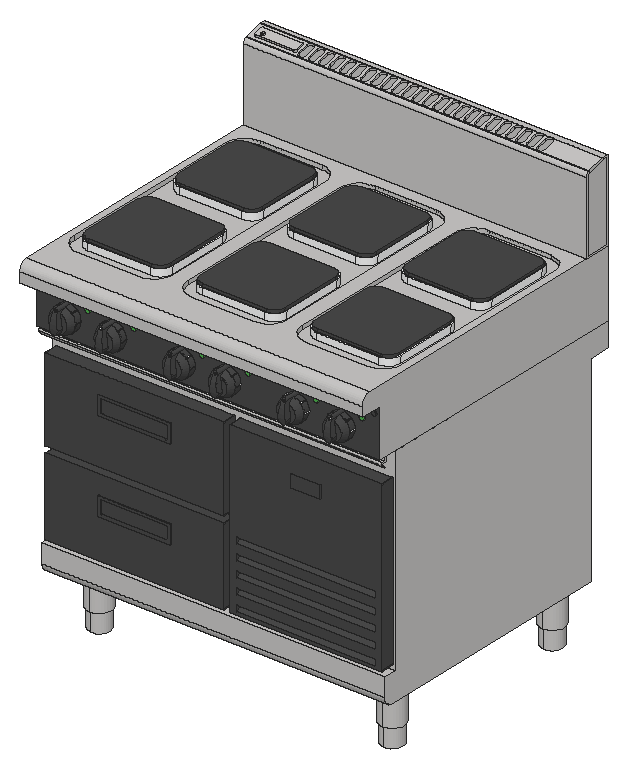
Revit family "QF_Moffat_RNB8600SE-RB_Electric_Cooktops_Sealed_Hobs_cat", category Specialty Equipment, Revit 2019 (continued)
Definition of nested family "High and Low Option"
  Lines and regions (mm)
    symbolic lines, visible <- "High Back", not visible
      curve 197: spline (749.472, -50.251, 0) -> (749.131, -52.751, 0) -> (748.132, -55.081, 0) -> (746.543, -57.081, 0) -> (744.472, -58.616, 0) -> (742.06, -59.581, 0) -> (739.472, -59.91, 0) -> (736.884, -59.581, 0) -> (734.472, -58.616, 0) -> (732.401, -57.081, 0) -> (730.812, -55.081, 0) -> (729.813, -52.751, 0) -> (729.472, -50.251, 0)
      curve 198: line (756.752, -50.251, 0) -> (756.752, -25.991, 0)
      curve 199: spline (756.752, -25.991, 0) -> (757.093, -23.491, 0) -> (758.092, -21.162, 0) -> (759.681, -19.161, 0) -> (761.752, -17.626, 0) -> (764.164, -16.661, 0) -> (766.752, -16.332, 0) -> (769.341, -16.661, 0) -> (771.752, -17.626, 0) -> (773.823, -19.161, 0) -> (775.413, -21.162, 0) -> (776.412, -23.491, 0) -> (776.752, -25.991, 0)
      curve 200: line (776.752, -25.991, 0) -> (776.752, -50.251, 0)
      curve 201: spline (776.752, -50.251, 0) -> (776.412, -52.751, 0) -> (775.413, -55.081, 0) -> (773.823, -57.081, 0) -> (771.752, -58.616, 0) -> (769.341, -59.581, 0) -> (766.752, -59.91, 0) -> (764.164, -59.581, 0) -> (761.752, -58.616, 0) -> (759.681, -57.081, 0) -> (758.092, -55.081, 0) -> (757.093, -52.751, 0) -> (756.752, -50.251, 0)
  Dimensions and locks
    equal spacing: plane 3 "LEFT", plane 7 "Center Y", plane 4 "RIGHT"
    "Length": plane 3 "LEFT" to plane 4 "RIGHT"
    equal spacing: plane 5 "FRONT", plane 8 "Center X", plane 1 "BACK"
    "Depth": plane 5 "FRONT" to plane 1 "BACK"
    "Height": plane 6 "TOP" to level
    plane 4 "RIGHT" to plane 3 "LEFT" = 900 mm
    plane 1 "BACK" to plane 5 "FRONT" = 805 mm
    plane 9 to plane 10 = 769 mm
    plane 12 to plane 2 = 675 mm
    plane 6 "TOP" to level = 970 mm
    plane 13 to level = 1130 mm
    aligned and locked: level to plane 2
  Automatic sketch dimensions
    plane 1 "BACK" to curve 1 = 71.587 mm
    curve 1 to plane 6 "TOP" = 46.75 mm
    curve 1 to curve 1 = 23 mm
    Extrusion 5 sketch curve to Extrusion 5 sketch curve = 10 mm  (x24)
    Extrusion 5 sketch curve to Extrusion 5 sketch curve = 7.28 mm  (x23)
    Extrusion 5 sketch curve to Extrusion 5 sketch curve = 11.379 mm  (x2)
    Extrusion 5 sketch curve to Extrusion 5 sketch curve = 0 mm  (x33)
    Extrusion 5 sketch curve to Extrusion 5 sketch curve = 25.116 mm  (x13)
    Extrusion 5 sketch curve to Extrusion 5 sketch curve = 47.732 mm
    Extrusion 5 sketch curve to Extrusion 5 sketch curve = 129.307 mm
    Extrusion 5 sketch curve to Extrusion 5 sketch curve = 123.248 mm
    Extrusion 10 sketch curve to Extrusion 10 sketch curve = 10 mm  (x24)
    Extrusion 10 sketch curve to Extrusion 10 sketch curve = 7.28 mm  (x23)
    Extrusion 10 sketch curve to Extrusion 10 sketch curve = 11.379 mm  (x2)
    Extrusion 10 sketch curve to Extrusion 10 sketch curve = 0 mm  (x33)
    Extrusion 10 sketch curve to Extrusion 10 sketch curve = 25.116 mm  (x13)
    Extrusion 10 sketch curve to Extrusion 10 sketch curve = 47.732 mm
    Extrusion 10 sketch curve to Extrusion 10 sketch curve = 129.307 mm
    Extrusion 10 sketch curve to Extrusion 10 sketch curve = 123.248 mm
    curve 3 to curve 6 = 129.307 mm
    curve 6 to curve 8 = 20 mm
    curve 8 to curve 10 = 7.28 mm
    curve 10 to curve 12 = 20 mm
    curve 13 to curve 14 = 7.28 mm
    curve 14 to curve 16 = 20 mm
    curve 16 to curve 18 = 7.28 mm
    curve 18 to curve 20 = 20 mm
    curve 21 to curve 22 = 7.28 mm
    curve 22 to curve 24 = 20 mm
    curve 25 to curve 26 = 7.28 mm
    curve 26 to curve 28 = 20 mm
    curve 29 to curve 30 = 7.28 mm
    curve 30 to curve 32 = 20 mm
    curve 32 to curve 34 = 7.28 mm
    curve 34 to curve 36 = 20 mm
    curve 37 to curve 38 = 7.28 mm
    curve 41 to curve 40 = 20 mm
    curve 41 to curve 42 = 7.28 mm
    curve 45 to curve 44 = 20 mm
    curve 43 to curve 46 = 7.28 mm
    curve 46 to curve 48 = 20 mm
    curve 49 to curve 50 = 7.28 mm
    curve 50 to curve 52 = 20 mm
    curve 52 to curve 54 = 7.28 mm
    curve 54 to curve 56 = 20 mm
    curve 57 to curve 58 = 7.28 mm
    curve 58 to curve 60 = 20 mm
    curve 61 to curve 62 = 7.28 mm
    curve 62 to curve 64 = 20 mm
    curve 64 to curve 66 = 7.28 mm
    curve 66 to curve 68 = 20 mm
    curve 69 to curve 70 = 7.28 mm
    curve 70 to curve 72 = 20 mm
    curve 73 to curve 74 = 7.28 mm
    curve 74 to curve 76 = 20 mm
    curve 77 to curve 78 = 7.28 mm
    curve 78 to curve 80 = 20 mm
    curve 80 to curve 82 = 7.28 mm
    curve 82 to curve 84 = 20 mm
    curve 85 to curve 86 = 7.28 mm
    curve 87 to curve 88 = 20 mm
    curve 89 to curve 90 = 7.28 mm
    curve 90 to curve 92 = 20 mm
    curve 91 to curve 94 = 7.28 mm
    curve 94 to curve 96 = 20 mm
    curve 96 to curve 98 = 7.28 mm
    curve 98 to curve 100 = 20 mm
    curve 3 to curve 6 = 19.749 mm
    curve 9 to curve 10 = 0 mm
    curve 96 to curve 101 = 0 mm
    curve 13 to curve 14 = 0 mm
    curve 92 to curve 97 = 0 mm
    curve 16 to curve 18 = 0 mm
    curve 88 to curve 90 = 0 mm
    curve 21 to curve 22 = 0 mm
    curve 84 to curve 86 = 0 mm  (x2)
    curve 25 to curve 26 = 0 mm
    curve 80 to curve 85 = 0 mm
    curve 29 to curve 30 = 0 mm
    curve 76 to curve 81 = 0 mm
    curve 33 to curve 34 = 0 mm
    curve 72 to curve 74 = 0 mm  (x2)
    curve 37 to curve 38 = 0 mm
    curve 68 to curve 70 = 0 mm  (x2)
    curve 41 to curve 42 = 0 mm
    curve 64 to curve 69 = 0 mm
    curve 45 to curve 46 = 0 mm
    curve 60 to curve 65 = 0 mm
    curve 49 to curve 50 = 0 mm
    curve 56 to curve 58 = 0 mm  (x2)
    curve 56 to curve 56 = 24.26 mm
    curve 52 to curve 55 = 0 mm
    curve 48 to curve 51 = 0 mm
    curve 59 to curve 62 = 0 mm
    curve 44 to curve 47 = 0 mm
    curve 64 to curve 66 = 0 mm
    curve 40 to curve 43 = 0 mm
    curve 36 to curve 39 = 0 mm
    curve 32 to curve 35 = 0 mm
    curve 75 to curve 78 = 0 mm
    curve 28 to curve 31 = 0 mm
    curve 80 to curve 82 = 0 mm
    curve 24 to curve 27 = 0 mm
    curve 20 to curve 23 = 0 mm
    curve 87 to curve 90 = 0 mm
    curve 16 to curve 19 = 0 mm
    curve 91 to curve 94 = 0 mm
    curve 12 to curve 15 = 0 mm
    curve 96 to curve 98 = 0 mm
    curve 8 to curve 11 = 0 mm
    curve 3 to curve 3 = 70 mm
    curve 100 to curve 5 = 123.248 mm
    curve 4 to curve 100 = 19.749 mm
    curve 103 to curve 106 = 129.307 mm
    curve 106 to curve 108 = 20 mm
    curve 108 to curve 110 = 7.28 mm
    curve 110 to curve 112 = 20 mm
    curve 113 to curve 114 = 7.28 mm
    curve 114 to curve 116 = 20 mm
    curve 116 to curve 118 = 7.28 mm
    curve 118 to curve 120 = 20 mm
    curve 121 to curve 122 = 7.28 mm
    curve 122 to curve 124 = 20 mm
    curve 125 to curve 126 = 7.28 mm
    curve 126 to curve 128 = 20 mm
    curve 129 to curve 130 = 7.28 mm
    curve 130 to curve 132 = 20 mm
    curve 132 to curve 134 = 7.28 mm
    curve 134 to curve 136 = 20 mm
    curve 137 to curve 138 = 7.28 mm
    curve 141 to curve 140 = 20 mm
    curve 141 to curve 142 = 7.28 mm
    curve 145 to curve 144 = 20 mm
    curve 143 to curve 146 = 7.28 mm
    curve 146 to curve 148 = 20 mm
    curve 149 to curve 150 = 7.28 mm
    curve 150 to curve 152 = 20 mm
    curve 152 to curve 154 = 7.28 mm
    curve 154 to curve 156 = 20 mm
    curve 157 to curve 158 = 7.28 mm
    curve 158 to curve 160 = 20 mm
    curve 161 to curve 162 = 7.28 mm
    curve 162 to curve 164 = 20 mm
    curve 164 to curve 166 = 7.28 mm
    curve 166 to curve 168 = 20 mm
    curve 169 to curve 170 = 7.28 mm
    curve 170 to curve 172 = 20 mm
    curve 173 to curve 174 = 7.28 mm
    curve 174 to curve 176 = 20 mm
    curve 177 to curve 178 = 7.28 mm
    curve 178 to curve 180 = 20 mm
    curve 180 to curve 182 = 7.28 mm
    curve 182 to curve 184 = 20 mm
    curve 185 to curve 186 = 7.28 mm
    curve 187 to curve 188 = 20 mm
    curve 189 to curve 190 = 7.28 mm
    curve 190 to curve 192 = 20 mm
    curve 191 to curve 194 = 7.28 mm
    curve 194 to curve 196 = 20 mm
    curve 196 to curve 198 = 7.28 mm
    curve 198 to curve 200 = 20 mm
    curve 103 to curve 106 = 19.749 mm
    curve 109 to curve 110 = 0 mm
    curve 196 to curve 201 = 0 mm
    curve 113 to curve 114 = 0 mm
    curve 192 to curve 197 = 0 mm
    curve 116 to curve 118 = 0 mm
    curve 188 to curve 190 = 0 mm
    curve 121 to curve 122 = 0 mm
    curve 184 to curve 186 = 0 mm  (x2)
    curve 125 to curve 126 = 0 mm
    curve 180 to curve 185 = 0 mm
    curve 129 to curve 130 = 0 mm
    curve 176 to curve 181 = 0 mm
    curve 133 to curve 134 = 0 mm
    curve 172 to curve 174 = 0 mm  (x2)
    curve 137 to curve 138 = 0 mm
    curve 168 to curve 170 = 0 mm  (x2)
    curve 141 to curve 142 = 0 mm
    curve 164 to curve 169 = 0 mm
    curve 145 to curve 146 = 0 mm
    curve 160 to curve 165 = 0 mm
    curve 149 to curve 150 = 0 mm
    curve 156 to curve 158 = 0 mm  (x2)
    curve 156 to curve 156 = 24.26 mm
    curve 152 to curve 155 = 0 mm
    curve 148 to curve 151 = 0 mm
    curve 159 to curve 162 = 0 mm
    curve 144 to curve 147 = 0 mm
    curve 164 to curve 166 = 0 mm
    curve 140 to curve 143 = 0 mm
    curve 136 to curve 139 = 0 mm
    curve 132 to curve 135 = 0 mm
    curve 175 to curve 178 = 0 mm
    curve 128 to curve 131 = 0 mm
    curve 180 to curve 182 = 0 mm
    curve 124 to curve 127 = 0 mm
    curve 120 to curve 123 = 0 mm
    curve 187 to curve 190 = 0 mm
    curve 116 to curve 119 = 0 mm
    curve 191 to curve 194 = 0 mm
    curve 112 to curve 115 = 0 mm
    curve 196 to curve 198 = 0 mm
    curve 108 to curve 111 = 0 mm
    curve 103 to curve 103 = 70 mm
    curve 200 to curve 105 = 123.248 mm
    curve 104 to curve 200 = 19.749 mm
    curve 203 to curve 204 = 900 mm
    curve 203 to curve 203 = 70 mm
    curve 207 to curve 208 = 900 mm
    curve 207 to curve 207 = 70 mm
    Extrusion 1 sketch curve to Extrusion 1 sketch curve = 15 mm
    Extrusion 1 sketch curve to Extrusion 1 sketch curve = 55 mm  (x2)
    Extrusion 1 sketch curve to Extrusion 1 sketch curve = 40 mm
    Extrusion 6 sketch curve to Extrusion 6 sketch curve = 15 mm
    Extrusion 6 sketch curve to Extrusion 6 sketch curve = 55 mm  (x2)
    Extrusion 6 sketch curve to Extrusion 6 sketch curve = 40 mm
    Extrusion 2 sketch curve to Extrusion 2 sketch curve = 0 mm  (x4)
    Extrusion 2 sketch curve to Extrusion 2 sketch curve = 3.2 mm  (x3)
    Extrusion 2 sketch curve to Extrusion 2 sketch curve = 5.694 mm
    Extrusion 2 sketch curve to Extrusion 2 sketch curve = 0.828 mm  (x2)
    Extrusion 2 sketch curve to Extrusion 2 sketch curve = 8.8 mm
    Extrusion 2 sketch curve to Extrusion 2 sketch curve = 46.106 mm
    Extrusion 2 sketch curve to Extrusion 2 sketch curve = 63.6 mm
    Extrusion 2 sketch curve to Extrusion 2 sketch curve = 187.855 mm
    Extrusion 2 sketch curve to Extrusion 2 sketch curve = 12.354 mm
    Extrusion 2 sketch curve to Extrusion 2 sketch curve = 3.091 mm
    Extrusion 4 sketch curve to Extrusion 4 sketch curve = 8.8 mm
    Extrusion 4 sketch curve to Extrusion 4 sketch curve = 63.6 mm
    Extrusion 4 sketch curve to Extrusion 4 sketch curve = 20.854 mm
    Extrusion 4 sketch curve to Extrusion 4 sketch curve = 187.855 mm
    Extrusion 4 sketch curve to Extrusion 4 sketch curve = 2.278 mm
    Extrusion 4 sketch curve to Extrusion 4 sketch curve = 10.972 mm
    Extrusion 3 sketch curve to Extrusion 3 sketch curve = 8.8 mm
    Extrusion 3 sketch curve to Extrusion 3 sketch curve = 63.6 mm
    Extrusion 3 sketch curve to Extrusion 3 sketch curve = 187.855 mm
    Extrusion 3 sketch curve to Extrusion 3 sketch curve = 10.972 mm
    Extrusion 3 sketch curve to Extrusion 3 sketch curve = 20.854 mm
    Extrusion 3 sketch curve to Extrusion 3 sketch curve = 2.278 mm
    Extrusion 7 sketch curve to Extrusion 7 sketch curve = 0 mm  (x4)
    Extrusion 7 sketch curve to Extrusion 7 sketch curve = 3.2 mm  (x3)
    Extrusion 7 sketch curve to Extrusion 7 sketch curve = 5.694 mm
    Extrusion 7 sketch curve to Extrusion 7 sketch curve = 0.828 mm  (x2)
    Extrusion 7 sketch curve to Extrusion 7 sketch curve = 8.8 mm
    Extrusion 7 sketch curve to Extrusion 7 sketch curve = 46.106 mm
    Extrusion 7 sketch curve to Extrusion 7 sketch curve = 63.6 mm
    Extrusion 7 sketch curve to Extrusion 7 sketch curve = 187.855 mm
    Extrusion 7 sketch curve to Extrusion 7 sketch curve = 12.354 mm
    Extrusion 7 sketch curve to Extrusion 7 sketch curve = 3.091 mm
    Extrusion 9 sketch curve to Extrusion 9 sketch curve = 8.8 mm
    Extrusion 9 sketch curve to Extrusion 9 sketch curve = 63.6 mm
    Extrusion 9 sketch curve to Extrusion 9 sketch curve = 20.854 mm
    Extrusion 9 sketch curve to Extrusion 9 sketch curve = 187.855 mm
    Extrusion 9 sketch curve to Extrusion 9 sketch curve = 2.278 mm
    Extrusion 9 sketch curve to Extrusion 9 sketch curve = 10.972 mm
    Extrusion 8 sketch curve to Extrusion 8 sketch curve = 8.8 mm
    Extrusion 8 sketch curve to Extrusion 8 sketch curve = 63.6 mm
    Extrusion 8 sketch curve to Extrusion 8 sketch curve = 187.855 mm
    Extrusion 8 sketch curve to Extrusion 8 sketch curve = 10.972 mm
    Extrusion 8 sketch curve to Extrusion 8 sketch curve = 20.854 mm
    Extrusion 8 sketch curve to Extrusion 8 sketch curve = 2.278 mm
  Nested families
    nested 1: "QF_LOGO_Waldorf" at (32, -70, 923.25), visible <- "Show Logo 1", type "QF_LOGO_Waldorf"
    nested 2: "QF_LOGO_Waldorf1" at (12.5, -38.053, 1110.468), visible <- "Show Logo 2", type "QF_LOGO_Waldorf1"
    nested 3: "QF_LOGO_Waldorf" at (32, -70, 923.25), visible <- "Show Logo 1", type "QF_LOGO_Waldorf", not visible
    nested 4: "QF_LOGO_Waldorf1" at (12.5, -38.053, 1110.468), visible <- "Show Logo 2", type "QF_LOGO_Waldorf1", not visible
  Definition of nested family "QF_LOGO_Waldorf"
    Parameters (values of type "QF_LOGO_Waldorf")
      Weight in Pounds = 0
      URL Cutsheet = ""
      Specification by User = ""
      Specification by Manufacturer = ""
      Serial Number = ""
      Seismic Rating = ""
      SMACNA No = ""
      Revision Code = ""
      NAFEM Spec ID Number = ""
      Masterspec = ""
      Length = 138 mm
      Item Number = ""
      Installed By = ""
      Identify Quantity as Lot = yes
      Height = 26.711 mm
      Furnished By = ""
      Foodservice Equipment Identifier = yes
      Depth = 3.175 mm
      CSI MasterFormat = ""
    Reference planes
      plane 1 "BACK": y = 0
      plane 2: z = 0
      plane 3 "LEFT": x = 0
      plane 4 "RIGHT": x = 138
      plane 5 "FRONT": y = -3.175
      plane 6 "TOP": z = 26.711
      plane 7 "Center Y": x = 69
      plane 8 "Center X": y = -1.587
    Forms (mm)
      Extrusion 1, solid
        sketch origin (0, 0, 0) x (1, 0, 0) y (0, 0, 1)
          loop
            line (109, 3.464) -> (109, 23.247)
            spline (109, 23.247) -> (108.966, 23.699) -> (108.864, 24.143) -> (108.696, 24.572) -> (108.464, 24.979) -> (108.173, 25.355) -> (107.828, 25.696) -> (107.435, 25.995) -> (107, 26.247) -> (106.531, 26.447) -> (106.035, 26.593) -> (105.522, 26.681) -> (105, 26.711)
            line (105, 26.711) -> (4, 26.711)
            spline (4, 26.711) -> (3.478, 26.681) -> (2.965, 26.593) -> (2.469, 26.447) -> (2, 26.247) -> (1.565, 25.995) -> (1.172, 25.696) -> (0.827, 25.355) -> (0.536, 24.979) -> (0.304, 24.572) -> (0.136, 24.143) -> (0.034, 23.699) -> (0, 23.247)
            line (0, 23.247) -> (0, 3.464)
            spline (0, 3.464) -> (0.034, 3.012) -> (0.136, 2.568) -> (0.304, 2.138) -> (0.536, 1.732) -> (0.827, 1.355) -> (1.172, 1.015) -> (1.565, 0.716) -> (2, 0.464) -> (2.469, 0.264) -> (2.965, 0.118) -> (3.478, 0.03) -> (4, 0)
            line (4, 0) -> (105, 0)
            spline (105, 0) -> (105.522, 0.03) -> (106.035, 0.118) -> (106.531, 0.264) -> (107, 0.464) -> (107.435, 0.716) -> (107.828, 1.015) -> (108.173, 1.355) -> (108.464, 1.732) -> (108.696, 2.138) -> (108.864, 2.568) -> (108.966, 3.012) -> (109, 3.464)
          loop
            line (14.75, 7.005) -> (14.75, 15.654)
            arc (14.75, 15.654) -> (10.425, 11.329) -> (14.75, 7.005) r 4.325
          loop
            line (15.25, 15.654) -> (15.25, 7.005)
            arc (15.25, 7.005) -> (19.575, 11.329) -> (15.25, 15.654) r 4.325
        from 0 to 3.2
      Extrusion 2, solid
        sketch origin (0, 0, 0) x (1, 0, 0) y (0, 0, 1)
          loop
            line (15.25, 15.654) -> (15.25, 7.005)
            arc (15.25, 7.005) -> (19.575, 11.329) -> (15.25, 15.654) r 4.325
        from 0 to 3.2
      Extrusion 3, solid
        sketch origin (16.271, 0, 0) x (-1, 0, 0) y (0, 0, -1)
          loop
            arc (1.521, -15.654) -> (5.846, -11.329) -> (1.521, -7.005) r 4.325
            line (1.521, -7.005) -> (1.521, -15.654)
        from 0 to 3.2
    Lines and regions (mm)
      Split face 1
        outline origin (0, -3.2, 0) x (1, 0, 0) y (0, 0, 1)
          loop
            spline (22.129, 16.975) -> (22.389, 15.984) -> (22.649, 15.002) -> (22.91, 14.028) -> (23.172, 13.065) -> (23.433, 12.11) -> (23.695, 11.166) -> (23.956, 10.232) -> (24.218, 9.308) -> (24.479, 8.396) -> (24.74, 7.495) -> (25, 6.605) -> (25.26, 5.728)
            line (25.26, 5.728) -> (29.463, 5.728)
            spline (29.463, 5.728) -> (29.582, 6.252) -> (29.701, 6.78) -> (29.82, 7.313) -> (29.939, 7.85) -> (30.058, 8.391) -> (30.178, 8.936) -> (30.297, 9.485) -> (30.416, 10.038) -> (30.536, 10.594) -> (30.655, 11.155) -> (30.775, 11.719) -> (30.894, 12.287)
            spline (30.894, 12.287) -> (31.018, 11.719) -> (31.142, 11.155) -> (31.266, 10.594) -> (31.39, 10.038) -> (31.514, 9.485) -> (31.638, 8.936) -> (31.762, 8.391) -> (31.885, 7.85) -> (32.009, 7.313) -> (32.133, 6.78) -> (32.256, 6.252) -> (32.379, 5.728)
            line (32.379, 5.728) -> (36.51, 5.728)
            spline (36.51, 5.728) -> (36.766, 6.605) -> (37.023, 7.495) -> (37.28, 8.396) -> (37.538, 9.308) -> (37.795, 10.232) -> (38.053, 11.166) -> (38.311, 12.11) -> (38.569, 13.065) -> (38.826, 14.028) -> (39.083, 15.002) -> (39.34, 15.984) -> (39.597, 16.975)
            line (39.597, 16.975) -> (35.637, 16.975)
            spline (35.637, 16.975) -> (35.523, 16.334) -> (35.41, 15.697) -> (35.296, 15.063) -> (35.182, 14.433) -> (35.068, 13.807) -> (34.954, 13.185) -> (34.84, 12.566) -> (34.726, 11.952) -> (34.612, 11.342) -> (34.497, 10.737) -> (34.383, 10.135) -> (34.269, 9.538)
            spline (34.269, 9.538) -> (34.138, 10.135) -> (34.008, 10.737) -> (33.877, 11.342) -> (33.746, 11.952) -> (33.616, 12.566) -> (33.485, 13.185) -> (33.354, 13.807) -> (33.224, 14.433) -> (33.093, 15.063) -> (32.963, 15.697) -> (32.833, 16.334) -> (32.703, 16.975)
            line (32.703, 16.975) -> (29.247, 16.975)
            spline (29.247, 16.975) -> (29.111, 16.334) -> (28.974, 15.697) -> (28.837, 15.063) -> (28.7, 14.433) -> (28.562, 13.807) -> (28.425, 13.185) -> (28.288, 12.566) -> (28.15, 11.952) -> (28.013, 11.342) -> (27.875, 10.737) -> (27.738, 10.135) -> (27.6, 9.538)
            spline (27.6, 9.538) -> (27.483, 10.135) -> (27.366, 10.737) -> (27.249, 11.342) -> (27.132, 11.952) -> (27.015, 12.566) -> (26.897, 13.185) -> (26.78, 13.807) -> (26.663, 14.433) -> (26.546, 15.063) -> (26.43, 15.697) -> (26.313, 16.334) -> (26.196, 16.975)
            line (26.196, 16.975) -> (22.129, 16.975)
      Split face 2
        outline origin (0, -3.2, 0) x (1, 0, 0) y (0, 0, 1)
          loop
            line (51.449, 5.728) -> (51.035, 6.606) -> (51.035, 11.169)
            spline (51.035, 11.169) -> (50.686, 12.42) -> (50.176, 13.224) -> (49.51, 13.708) -> (48.693, 13.995) -> (47.747, 14.152) -> (46.698, 14.207) -> (45.579, 14.186) -> (44.419, 14.114) -> (43.279, 13.929) -> (42.249, 13.481) -> (41.424, 12.614) -> (40.897, 11.169)
            line (40.897, 11.169) -> (44.617, 11.169) -> (44.988, 11.965)
            spline (44.988, 11.965) -> (47.294, 11.682) -> (46.856, 10.932) -> (45.527, 10.609) -> (43.858, 10.439) -> (42.259, 10.123) -> (41.078, 9.417) -> (40.563, 8.246) -> (40.689, 6.989) -> (41.407, 6.052) -> (42.774, 5.536) -> (44.847, 5.497) -> (47.306, 6.602)
            line (47.306, 6.602) -> (47.624, 5.728) -> (51.449, 5.728)
      Split face 3
        outline origin (0, -3.2, 0) x (1, 0, 0) y (0, 0, 1)
          loop
            line (47.264, 9.264) -> (44.938, 8.597)
            spline (44.938, 8.597) -> (44.508, 8.228) -> (44.402, 7.9) -> (44.548, 7.626) -> (44.877, 7.42) -> (45.317, 7.295) -> (45.797, 7.265) -> (46.252, 7.342) -> (46.65, 7.525) -> (46.971, 7.813) -> (47.194, 8.201) -> (47.298, 8.685) -> (47.264, 9.264)
      Split face 4
        outline origin (0, -3.2, 0) x (1, 0, 0) y (0, 0, 1)
          loop
            line (53.33, 16.975) -> (53.33, 5.728) -> (57.173, 5.728) -> (57.173, 16.975) -> (53.33, 16.975)
      Split face 5
        outline origin (0, -3.2, 0) x (1, 0, 0) y (0, 0, 1)
          loop
            line (65.795, 16.975) -> (65.795, 12.976)
            spline (65.795, 12.976) -> (63.839, 14.082) -> (62.087, 14.096) -> (60.633, 13.343) -> (59.574, 12.148) -> (58.99, 10.806) -> (58.867, 9.452) -> (59.156, 8.159) -> (59.81, 7) -> (60.786, 6.056) -> (62.111, 5.514) -> (63.868, 5.634) -> (66.137, 6.679)
            line (66.137, 6.679) -> (66.137, 5.728) -> (69.511, 5.728) -> (69.511, 16.975) -> (65.795, 16.975)
      Split face 6
        outline origin (0, -3.2, 0) x (1, 0, 0) y (0, 0, 1)
          loop
            spline (64.273, 7.499) -> (64.754, 7.57) -> (65.202, 7.777) -> (65.587, 8.106) -> (65.882, 8.535) -> (66.067, 9.034) -> (66.131, 9.57) -> (66.067, 10.106) -> (65.882, 10.605) -> (65.587, 11.034) -> (65.202, 11.363) -> (64.754, 11.57) -> (64.273, 11.64)
            spline (64.273, 11.64) -> (63.793, 11.57) -> (63.345, 11.363) -> (62.96, 11.034) -> (62.665, 10.605) -> (62.479, 10.106) -> (62.416, 9.57) -> (62.479, 9.034) -> (62.665, 8.535) -> (62.96, 8.106) -> (63.345, 7.777) -> (63.793, 7.57) -> (64.273, 7.499)
      Split face 7
        outline origin (0, -3.2, 0) x (1, 0, 0) y (0, 0, 1)
          loop
            spline (76.449, 5.305) -> (77.855, 5.457) -> (79.166, 5.901) -> (80.291, 6.607) -> (81.155, 7.527) -> (81.698, 8.599) -> (81.883, 9.749) -> (81.698, 10.899) -> (81.155, 11.97) -> (80.291, 12.891) -> (79.166, 13.597) -> (77.855, 14.041) -> (76.449, 14.192)
            spline (76.449, 14.192) -> (75.042, 14.041) -> (73.731, 13.597) -> (72.606, 12.891) -> (71.742, 11.97) -> (71.199, 10.899) -> (71.014, 9.749) -> (71.199, 8.599) -> (71.742, 7.527) -> (72.606, 6.607) -> (73.731, 5.901) -> (75.042, 5.457) -> (76.449, 5.305)
      Split face 8
        outline origin (0, -3.2, 0) x (1, 0, 0) y (0, 0, 1)
          loop
            spline (76.449, 7.654) -> (76.841, 7.725) -> (77.206, 7.934) -> (77.52, 8.267) -> (77.76, 8.701) -> (77.912, 9.206) -> (77.963, 9.749) -> (77.912, 10.291) -> (77.76, 10.796) -> (77.52, 11.23) -> (77.206, 11.563) -> (76.841, 11.772) -> (76.449, 11.843)
            spline (76.449, 11.843) -> (76.057, 11.772) -> (75.691, 11.563) -> (75.378, 11.23) -> (75.137, 10.796) -> (74.986, 10.291) -> (74.934, 9.749) -> (74.986, 9.206) -> (75.137, 8.701) -> (75.378, 8.267) -> (75.691, 7.934) -> (76.057, 7.725) -> (76.449, 7.654)
      Split face 9
        outline origin (0, -3.2, 0) x (1, 0, 0) y (0, 0, 1)
          loop
            line (86.998, 12.335) -> (86.998, 13.879) -> (83.479, 13.879) -> (83.479, 5.728) -> (87.312, 5.728) -> (87.312, 8.975)
            spline (87.312, 8.975) -> (87.364, 9.356) -> (87.458, 9.686) -> (87.594, 9.968) -> (87.769, 10.204) -> (87.982, 10.398) -> (88.229, 10.55) -> (88.509, 10.666) -> (88.82, 10.746) -> (89.16, 10.794) -> (89.525, 10.812) -> (89.915, 10.803) -> (90.327, 10.77)
            line (90.327, 10.77) -> (90.327, 14.113)
            spline (90.327, 14.113) -> (89.929, 14.127) -> (89.552, 14.111) -> (89.197, 14.066) -> (88.865, 13.991) -> (88.554, 13.887) -> (88.266, 13.754) -> (87.999, 13.591) -> (87.755, 13.399) -> (87.532, 13.177) -> (87.332, 12.926) -> (87.154, 12.645) -> (86.998, 12.335)
      Split face 10
        outline origin (0, -3.2, 0) x (1, 0, 0) y (0, 0, 1)
          loop
            line (92.082, 13.879) -> (90.894, 13.879) -> (90.894, 11.972) -> (92.082, 11.972) -> (92.082, 5.728) -> (95.871, 5.728) -> (95.871, 11.972) -> (97.5, 11.972) -> (97.5, 13.879) -> (95.871, 13.879)
            spline (95.871, 13.879) -> (95.843, 14.088) -> (95.845, 14.278) -> (95.877, 14.447) -> (95.939, 14.596) -> (96.03, 14.726) -> (96.151, 14.835) -> (96.301, 14.925) -> (96.482, 14.995) -> (96.692, 15.045) -> (96.931, 15.075) -> (97.201, 15.085) -> (97.5, 15.076)
            line (97.5, 15.076) -> (97.5, 17.266) -> (95.367, 17.266)
            spline (95.367, 17.266) -> (94.982, 17.253) -> (94.58, 17.21) -> (94.174, 17.132) -> (93.774, 17.013) -> (93.39, 16.846) -> (93.034, 16.627) -> (92.717, 16.349) -> (92.448, 16.007) -> (92.24, 15.595) -> (92.102, 15.106) -> (92.046, 14.537) -> (92.082, 13.879)
    Dimensions and locks
      equal spacing: plane 3 "LEFT", plane 7 "Center Y", plane 4 "RIGHT"
      "Length": plane 3 "LEFT" to plane 4 "RIGHT"
      equal spacing: plane 5 "FRONT", plane 8 "Center X", plane 1 "BACK"
      "Depth": plane 5 "FRONT" to plane 1 "BACK"
      "Height": plane 6 "TOP" to level
      plane 4 "RIGHT" to plane 3 "LEFT" = 138 mm
      aligned and locked: level to plane 2
    Automatic sketch dimensions
      Extrusion 1 sketch curve to plane 3 "LEFT" = 0 mm
      Extrusion 1 sketch curve to plane 6 "TOP" = 0 mm
      Extrusion 1 sketch curve to level = 0 mm
      plane 3 "LEFT" to Extrusion 1 sketch curve = 4 mm  (x2)
      Extrusion 1 sketch curve to Extrusion 1 sketch curve = 10.75 mm
      Extrusion 1 sketch curve to Extrusion 1 sketch curve = 0.5 mm
      plane 4 "RIGHT" to Extrusion 1 sketch curve = 33 mm
      Extrusion 1 sketch curve to Extrusion 1 sketch curve = 0 mm  (x3)
      Extrusion 1 sketch curve to Extrusion 1 sketch curve = 4 mm
      level to Extrusion 1 sketch curve = 3.464 mm  (x2)
      level to Extrusion 1 sketch curve = 7.005 mm
      Extrusion 1 sketch curve to Extrusion 1 sketch curve = 4.325 mm
      Extrusion 1 sketch curve to plane 6 "TOP" = 3.464 mm  (x2)
      Extrusion 2 sketch curve to Extrusion 2 sketch curve = 4.325 mm
      level to Extrusion 2 sketch curve = 7.005 mm
      plane 3 "LEFT" to Extrusion 2 sketch curve = 15.25 mm
      Extrusion 3 sketch curve to Extrusion 3 sketch curve = 4.325 mm
      Extrusion 3 sketch curve to level = 7.005 mm
      Extrusion 3 sketch curve to plane 3 "LEFT" = 14.75 mm
      Extrusion 1 to Split face 1 sketch curve = 6.879 mm
      Split face 1 sketch curve to Extrusion 1 = 5.728 mm
      Split face 1 sketch curve to Split face 1 sketch curve = 3.132 mm
      Split face 1 sketch curve to Split face 1 sketch curve = 4.068 mm
      Split face 1 sketch curve to Split face 1 sketch curve = 3.051 mm
      Split face 1 sketch curve to Split face 1 sketch curve = 4.203 mm
      Split face 1 sketch curve to Split face 1 sketch curve = 2.916 mm
      Split face 1 sketch curve to Split face 1 sketch curve = 3.456 mm
      Split face 1 sketch curve to Split face 1 sketch curve = 2.934 mm
      Split face 1 sketch curve to Split face 1 sketch curve = 4.131 mm
      Split face 1 sketch curve to Split face 1 sketch curve = 3.96 mm
      Split face 1 sketch curve to Split face 1 sketch curve = 0 mm  (x2)
      Split face 1 sketch curve to Extrusion 1 = 9.736 mm  (x2)
      Extrusion 1 to Split face 1 sketch curve = 6.337 mm
      Extrusion 1 to Split face 1 sketch curve = 6.231 mm
      Extrusion 1 to Split face 1 sketch curve = 3.184 mm
      Extrusion 1 to Split face 1 sketch curve = 13.135 mm
      Split face 1 sketch curve to Split face 1 sketch curve = 4.652 mm
      Split face 1 sketch curve to Split face 1 sketch curve = 3.593 mm
      Split face 1 sketch curve to Split face 1 sketch curve = 1.863 mm
      Split face 1 sketch curve to Split face 1 sketch curve = 0.713 mm
      Split face 1 sketch curve to Split face 1 sketch curve = 2.684 mm
      Split face 1 sketch curve to Split face 1 sketch curve = 3.294 mm
      Split face 1 sketch curve to Split face 1 sketch curve = 0.459 mm
      Split face 1 sketch curve to Split face 1 sketch curve = 2.775 mm
      Split face 1 sketch curve to Split face 1 sketch curve = 1.89 mm
      Split face 1 sketch curve to Split face 1 sketch curve = 0.685 mm
      Split face 1 sketch curve to Split face 1 sketch curve = 9.486 mm
      Split face 1 sketch curve to Split face 1 sketch curve = 16.213 mm
      Split face 1 sketch curve to Split face 1 sketch curve = 3.48 mm
      Split face 1 sketch curve to Split face 1 sketch curve = 4.918 mm
      Split face 1 sketch curve to Split face 1 sketch curve = 7.609 mm
      Split face 1 sketch curve to Split face 1 sketch curve = 0.01 mm  (x2)
      Split face 1 sketch curve to Split face 1 sketch curve = 0.002 mm
      Split face 2 sketch curve to Extrusion 1 = 11.169 mm
      Extrusion 1 to Split face 2 sketch curve = 25.647 mm
      Split face 2 sketch curve to Split face 2 sketch curve = 3.72 mm
      Split face 2 sketch curve to Extrusion 1 = 11.965 mm
      Split face 2 sketch curve to Split face 2 sketch curve = 0.371 mm
      Split face 2 sketch curve to Extrusion 1 = 6.602 mm
      Split face 2 sketch curve to Split face 2 sketch curve = 2.689 mm
      Split face 2 sketch curve to Split face 2 sketch curve = 0.318 mm
      Split face 2 sketch curve to Split face 2 sketch curve = 3.729 mm
      Split face 2 sketch curve to Split face 2 sketch curve = 0.414 mm
      Split face 2 sketch curve to Split face 2 sketch curve = 0.875 mm
      Split face 2 sketch curve to Split face 2 sketch curve = 0.878 mm
      Split face 3 sketch curve to Extrusion 1 = 8.597 mm
      Extrusion 1 to Split face 3 sketch curve = 29.688 mm
      Split face 3 sketch curve to Extrusion 1 = 9.264 mm
      Split face 3 sketch curve to Split face 3 sketch curve = 2.326 mm
      Split face 4 sketch curve to Extrusion 1 = 5.728 mm
      Extrusion 1 to Split face 4 sketch curve = 38.08 mm
      Split face 4 sketch curve to Split face 4 sketch curve = 3.843 mm
      Split face 4 sketch curve to Extrusion 1 = 9.736 mm
      Split face 5 sketch curve to Extrusion 1 = 12.976 mm
      Split face 5 sketch curve to Extrusion 1 = 43.205 mm
      Split face 5 sketch curve to Extrusion 1 = 6.679 mm
      Split face 5 sketch curve to Split face 5 sketch curve = 0.342 mm
      Split face 5 sketch curve to Split face 5 sketch curve = 3.375 mm
      Split face 5 sketch curve to Split face 5 sketch curve = 0.952 mm
      Split face 5 sketch curve to Split face 5 sketch curve = 3.998 mm
      Split face 6 sketch curve to Extrusion 1 = 7.499 mm
      Split face 6 sketch curve to Extrusion 1 = 44.727 mm
      Split face 6 sketch curve to Split face 6 sketch curve = 2.07 mm
      Split face 7 sketch curve to Extrusion 1 = 5.305 mm
      Split face 7 sketch curve to Extrusion 1 = 32.551 mm
      Split face 7 sketch curve to Split face 7 sketch curve = 4.443 mm
      Split face 8 sketch curve to Split face 8 sketch curve = 2.095 mm
      Split face 8 sketch curve to Extrusion 1 = 7.654 mm
      Split face 8 sketch curve to Extrusion 1 = 32.551 mm
      Split face 9 sketch curve to Extrusion 1 = 5.728 mm
      Split face 9 sketch curve to Extrusion 1 = 25.521 mm
      Split face 9 sketch curve to Split face 9 sketch curve = 3.519 mm
      Split face 9 sketch curve to Split face 9 sketch curve = 0.315 mm
      Split face 9 sketch curve to Split face 9 sketch curve = 3.33 mm
      Split face 9 sketch curve to Split face 9 sketch curve = 3.248 mm
      Split face 9 sketch curve to Split face 9 sketch curve = 1.795 mm
      Split face 9 sketch curve to Split face 9 sketch curve = 3.36 mm
      Split face 9 sketch curve to Split face 9 sketch curve = 1.545 mm
      Split face 9 sketch curve to Split face 9 sketch curve = 0.233 mm
      Split face 10 sketch curve to Extrusion 1 = 18.106 mm
      Split face 10 sketch curve to Split face 10 sketch curve = 1.188 mm  (x2)
      Split face 10 sketch curve to Split face 10 sketch curve = 3.285 mm
      Split face 10 sketch curve to Split face 10 sketch curve = 3.789 mm
      Split face 10 sketch curve to Split face 10 sketch curve = 0 mm  (x2)
      Split face 10 sketch curve to Split face 10 sketch curve = 1.629 mm
      Split face 10 sketch curve to Split face 10 sketch curve = 2.133 mm
      Split face 10 sketch curve to Extrusion 1 = 5.728 mm
      Split face 10 sketch curve to Split face 10 sketch curve = 6.245 mm
      Split face 10 sketch curve to Split face 10 sketch curve = 1.907 mm  (x2)
      Split face 10 sketch curve to Split face 10 sketch curve = 1.197 mm
      Split face 10 sketch curve to Split face 10 sketch curve = 2.19 mm
  Definition of nested family "QF_LOGO_Waldorf1"
    Parameters (values of type "QF_LOGO_Waldorf1")
      Weight in Pounds = 0
      URL Cutsheet = ""
      Specification by User = ""
      Specification by Manufacturer = ""
      Serial Number = ""
      Seismic Rating = ""
      SMACNA No = ""
      Revision Code = ""
      NAFEM Spec ID Number = ""
      Masterspec = ""
      Length = 138 mm
      Item Number = ""
      Installed By = ""
      Identify Quantity as Lot = yes
      Height = 26.711 mm
      Furnished By = ""
      Foodservice Equipment Identifier = yes
      Depth = 3.175 mm
      CSI MasterFormat = ""
    Reference planes
      plane 1 "BACK": y = 0
      plane 2: z = 0
      plane 3 "LEFT": x = 0
      plane 4 "RIGHT": x = 138
      plane 5 "FRONT": y = -3.175
      plane 6 "TOP": z = 26.711
      plane 7 "Center Y": x = 69
      plane 8 "Center X": y = -1.587
    Forms (mm)
      Extrusion 1, solid
        sketch origin (0, -12.9, 9.899) x (1, 0, 0) y (0, 0.965926, 0.258819)
          loop
            line (109, 3.464) -> (109, 23.247)
            spline (109, 23.247) -> (108.966, 23.699) -> (108.864, 24.143) -> (108.696, 24.572) -> (108.464, 24.979) -> (108.173, 25.355) -> (107.828, 25.696) -> (107.435, 25.995) -> (107, 26.247) -> (106.531, 26.447) -> (106.035, 26.593) -> (105.522, 26.681) -> (105, 26.711)
            line (105, 26.711) -> (4, 26.711)
            spline (4, 26.711) -> (3.478, 26.681) -> (2.965, 26.593) -> (2.469, 26.447) -> (2, 26.247) -> (1.565, 25.995) -> (1.172, 25.696) -> (0.827, 25.355) -> (0.536, 24.979) -> (0.304, 24.572) -> (0.136, 24.143) -> (0.034, 23.699) -> (0, 23.247)
            line (0, 23.247) -> (0, 3.464)
            spline (0, 3.464) -> (0.034, 3.012) -> (0.136, 2.568) -> (0.304, 2.138) -> (0.536, 1.732) -> (0.827, 1.355) -> (1.172, 1.015) -> (1.565, 0.716) -> (2, 0.464) -> (2.469, 0.264) -> (2.965, 0.118) -> (3.478, 0.03) -> (4, 0)
            line (4, 0) -> (105, 0)
            spline (105, 0) -> (105.522, 0.03) -> (106.035, 0.118) -> (106.531, 0.264) -> (107, 0.464) -> (107.435, 0.716) -> (107.828, 1.015) -> (108.173, 1.355) -> (108.464, 1.732) -> (108.696, 2.138) -> (108.864, 2.568) -> (108.966, 3.012) -> (109, 3.464)
          loop
            line (14.75, 7.005) -> (14.75, 15.654)
            arc (14.75, 15.654) -> (10.425, 11.329) -> (14.75, 7.005) r 4.325
          loop
            line (15.25, 15.654) -> (15.25, 7.005)
            arc (15.25, 7.005) -> (19.575, 11.329) -> (15.25, 15.654) r 4.325
        from 0 to 3.2
      Extrusion 2, solid
        sketch origin (0, -12.9, 9.899) x (1, 0, 0) y (0, 0.965926, 0.258819)
          loop
            line (15.25, 15.654) -> (15.25, 7.005)
            arc (15.25, 7.005) -> (19.575, 11.329) -> (15.25, 15.654) r 4.325
        from 0 to 3.2
      Extrusion 3, solid
        sketch origin (16.271, -12.9, 9.899) x (-1, 0, 0) y (0, -0.965926, -0.258819)
          loop
            arc (1.521, -15.654) -> (5.846, -11.329) -> (1.521, -7.005) r 4.325
            line (1.521, -7.005) -> (1.521, -15.654)
        from 0 to 3.2
    Lines and regions (mm)
      Split face 1
        outline origin (0, -13.729, 12.99) x (1, 0, 0) y (0, 0.965926, 0.258819)
          loop
            spline (22.129, 16.975) -> (22.389, 15.984) -> (22.649, 15.002) -> (22.91, 14.028) -> (23.172, 13.065) -> (23.433, 12.11) -> (23.695, 11.166) -> (23.956, 10.232) -> (24.218, 9.308) -> (24.479, 8.396) -> (24.74, 7.495) -> (25, 6.605) -> (25.26, 5.728)
            line (25.26, 5.728) -> (29.463, 5.728)
            spline (29.463, 5.728) -> (29.582, 6.252) -> (29.701, 6.78) -> (29.82, 7.313) -> (29.939, 7.85) -> (30.058, 8.391) -> (30.178, 8.936) -> (30.297, 9.485) -> (30.416, 10.038) -> (30.536, 10.594) -> (30.655, 11.155) -> (30.775, 11.719) -> (30.894, 12.287)
            spline (30.894, 12.287) -> (31.018, 11.719) -> (31.142, 11.155) -> (31.266, 10.594) -> (31.39, 10.038) -> (31.514, 9.485) -> (31.638, 8.936) -> (31.762, 8.391) -> (31.885, 7.85) -> (32.009, 7.313) -> (32.133, 6.78) -> (32.256, 6.252) -> (32.379, 5.728)
            line (32.379, 5.728) -> (36.51, 5.728)
            spline (36.51, 5.728) -> (36.766, 6.605) -> (37.023, 7.495) -> (37.28, 8.396) -> (37.538, 9.308) -> (37.795, 10.232) -> (38.053, 11.166) -> (38.311, 12.11) -> (38.569, 13.065) -> (38.826, 14.028) -> (39.083, 15.002) -> (39.34, 15.984) -> (39.597, 16.975)
            line (39.597, 16.975) -> (35.637, 16.975)
            spline (35.637, 16.975) -> (35.523, 16.334) -> (35.41, 15.697) -> (35.296, 15.063) -> (35.182, 14.433) -> (35.068, 13.807) -> (34.954, 13.185) -> (34.84, 12.566) -> (34.726, 11.952) -> (34.612, 11.342) -> (34.497, 10.737) -> (34.383, 10.135) -> (34.269, 9.538)
            spline (34.269, 9.538) -> (34.138, 10.135) -> (34.008, 10.737) -> (33.877, 11.342) -> (33.746, 11.952) -> (33.616, 12.566) -> (33.485, 13.185) -> (33.354, 13.807) -> (33.224, 14.433) -> (33.093, 15.063) -> (32.963, 15.697) -> (32.833, 16.334) -> (32.703, 16.975)
            line (32.703, 16.975) -> (29.247, 16.975)
            spline (29.247, 16.975) -> (29.111, 16.334) -> (28.974, 15.697) -> (28.837, 15.063) -> (28.7, 14.433) -> (28.562, 13.807) -> (28.425, 13.185) -> (28.288, 12.566) -> (28.15, 11.952) -> (28.013, 11.342) -> (27.875, 10.737) -> (27.738, 10.135) -> (27.6, 9.538)
            spline (27.6, 9.538) -> (27.483, 10.135) -> (27.366, 10.737) -> (27.249, 11.342) -> (27.132, 11.952) -> (27.015, 12.566) -> (26.897, 13.185) -> (26.78, 13.807) -> (26.663, 14.433) -> (26.546, 15.063) -> (26.43, 15.697) -> (26.313, 16.334) -> (26.196, 16.975)
            line (26.196, 16.975) -> (22.129, 16.975)
      Split face 2
        outline origin (0, -13.729, 12.99) x (1, 0, 0) y (0, 0.965926, 0.258819)
          loop
            line (51.449, 5.728) -> (51.035, 6.606) -> (51.035, 11.169)
            spline (51.035, 11.169) -> (50.686, 12.42) -> (50.176, 13.224) -> (49.51, 13.708) -> (48.693, 13.995) -> (47.747, 14.152) -> (46.698, 14.207) -> (45.579, 14.186) -> (44.419, 14.114) -> (43.279, 13.929) -> (42.249, 13.481) -> (41.424, 12.614) -> (40.897, 11.169)
            line (40.897, 11.169) -> (44.617, 11.169) -> (44.988, 11.965)
            spline (44.988, 11.965) -> (47.294, 11.682) -> (46.856, 10.932) -> (45.527, 10.609) -> (43.858, 10.439) -> (42.259, 10.123) -> (41.078, 9.417) -> (40.563, 8.246) -> (40.689, 6.989) -> (41.407, 6.052) -> (42.774, 5.536) -> (44.847, 5.497) -> (47.306, 6.602)
            line (47.306, 6.602) -> (47.624, 5.728) -> (51.449, 5.728)
      Split face 3
        outline origin (0, -13.729, 12.99) x (1, 0, 0) y (0, 0.965926, 0.258819)
          loop
            line (47.264, 9.264) -> (44.938, 8.597)
            spline (44.938, 8.597) -> (44.508, 8.228) -> (44.402, 7.9) -> (44.548, 7.626) -> (44.877, 7.42) -> (45.317, 7.295) -> (45.797, 7.265) -> (46.252, 7.342) -> (46.65, 7.525) -> (46.971, 7.813) -> (47.194, 8.201) -> (47.298, 8.685) -> (47.264, 9.264)
      Split face 4
        outline origin (0, -13.729, 12.99) x (1, 0, 0) y (0, 0.965926, 0.258819)
          loop
            line (53.33, 16.975) -> (53.33, 5.728) -> (57.173, 5.728) -> (57.173, 16.975) -> (53.33, 16.975)
      Split face 5
        outline origin (0, -13.729, 12.99) x (1, 0, 0) y (0, 0.965926, 0.258819)
          loop
            line (65.795, 16.975) -> (65.795, 12.976)
            spline (65.795, 12.976) -> (63.839, 14.082) -> (62.087, 14.096) -> (60.633, 13.343) -> (59.574, 12.148) -> (58.99, 10.806) -> (58.867, 9.452) -> (59.156, 8.159) -> (59.81, 7) -> (60.786, 6.056) -> (62.111, 5.514) -> (63.868, 5.634) -> (66.137, 6.679)
            line (66.137, 6.679) -> (66.137, 5.728) -> (69.511, 5.728) -> (69.511, 16.975) -> (65.795, 16.975)
      Split face 6
        outline origin (0, -13.729, 12.99) x (1, 0, 0) y (0, 0.965926, 0.258819)
          loop
            spline (64.273, 7.499) -> (64.754, 7.57) -> (65.202, 7.777) -> (65.587, 8.106) -> (65.882, 8.535) -> (66.067, 9.034) -> (66.131, 9.57) -> (66.067, 10.106) -> (65.882, 10.605) -> (65.587, 11.034) -> (65.202, 11.363) -> (64.754, 11.57) -> (64.273, 11.64)
            spline (64.273, 11.64) -> (63.793, 11.57) -> (63.345, 11.363) -> (62.96, 11.034) -> (62.665, 10.605) -> (62.479, 10.106) -> (62.416, 9.57) -> (62.479, 9.034) -> (62.665, 8.535) -> (62.96, 8.106) -> (63.345, 7.777) -> (63.793, 7.57) -> (64.273, 7.499)
      Split face 7
        outline origin (0, -13.729, 12.99) x (1, 0, 0) y (0, 0.965926, 0.258819)
          loop
            spline (76.449, 5.305) -> (77.855, 5.457) -> (79.166, 5.901) -> (80.291, 6.607) -> (81.155, 7.527) -> (81.698, 8.599) -> (81.883, 9.749) -> (81.698, 10.899) -> (81.155, 11.97) -> (80.291, 12.891) -> (79.166, 13.597) -> (77.855, 14.041) -> (76.449, 14.192)
            spline (76.449, 14.192) -> (75.042, 14.041) -> (73.731, 13.597) -> (72.606, 12.891) -> (71.742, 11.97) -> (71.199, 10.899) -> (71.014, 9.749) -> (71.199, 8.599) -> (71.742, 7.527) -> (72.606, 6.607) -> (73.731, 5.901) -> (75.042, 5.457) -> (76.449, 5.305)
      Split face 8
        outline origin (0, -13.729, 12.99) x (1, 0, 0) y (0, 0.965926, 0.258819)
          loop
            spline (76.449, 7.654) -> (76.841, 7.725) -> (77.206, 7.934) -> (77.52, 8.267) -> (77.76, 8.701) -> (77.912, 9.206) -> (77.963, 9.749) -> (77.912, 10.291) -> (77.76, 10.796) -> (77.52, 11.23) -> (77.206, 11.563) -> (76.841, 11.772) -> (76.449, 11.843)
            spline (76.449, 11.843) -> (76.057, 11.772) -> (75.691, 11.563) -> (75.378, 11.23) -> (75.137, 10.796) -> (74.986, 10.291) -> (74.934, 9.749) -> (74.986, 9.206) -> (75.137, 8.701) -> (75.378, 8.267) -> (75.691, 7.934) -> (76.057, 7.725) -> (76.449, 7.654)
      Split face 9
        outline origin (0, -13.729, 12.99) x (1, 0, 0) y (0, 0.965926, 0.258819)
          loop
            line (86.998, 12.335) -> (86.998, 13.879) -> (83.479, 13.879) -> (83.479, 5.728) -> (87.312, 5.728) -> (87.312, 8.975)
            spline (87.312, 8.975) -> (87.364, 9.356) -> (87.458, 9.686) -> (87.594, 9.968) -> (87.769, 10.204) -> (87.982, 10.398) -> (88.229, 10.55) -> (88.509, 10.666) -> (88.82, 10.746) -> (89.16, 10.794) -> (89.525, 10.812) -> (89.915, 10.803) -> (90.327, 10.77)
            line (90.327, 10.77) -> (90.327, 14.113)
            spline (90.327, 14.113) -> (89.929, 14.127) -> (89.552, 14.111) -> (89.197, 14.066) -> (88.865, 13.991) -> (88.554, 13.887) -> (88.266, 13.754) -> (87.999, 13.591) -> (87.755, 13.399) -> (87.532, 13.177) -> (87.332, 12.926) -> (87.154, 12.645) -> (86.998, 12.335)
      Split face 10
        outline origin (0, -13.729, 12.99) x (1, 0, 0) y (0, 0.965926, 0.258819)
          loop
            line (92.082, 13.879) -> (90.894, 13.879) -> (90.894, 11.972) -> (92.082, 11.972) -> (92.082, 5.728) -> (95.871, 5.728) -> (95.871, 11.972) -> (97.5, 11.972) -> (97.5, 13.879) -> (95.871, 13.879)
            spline (95.871, 13.879) -> (95.843, 14.088) -> (95.845, 14.278) -> (95.877, 14.447) -> (95.939, 14.596) -> (96.03, 14.726) -> (96.151, 14.835) -> (96.301, 14.925) -> (96.482, 14.995) -> (96.692, 15.045) -> (96.931, 15.075) -> (97.201, 15.085) -> (97.5, 15.076)
            line (97.5, 15.076) -> (97.5, 17.266) -> (95.367, 17.266)
            spline (95.367, 17.266) -> (94.982, 17.253) -> (94.58, 17.21) -> (94.174, 17.132) -> (93.774, 17.013) -> (93.39, 16.846) -> (93.034, 16.627) -> (92.717, 16.349) -> (92.448, 16.007) -> (92.24, 15.595) -> (92.102, 15.106) -> (92.046, 14.537) -> (92.082, 13.879)
    Dimensions and locks
      equal spacing: plane 3 "LEFT", plane 7 "Center Y", plane 4 "RIGHT"
      "Length": plane 3 "LEFT" to plane 4 "RIGHT"
      equal spacing: plane 5 "FRONT", plane 8 "Center X", plane 1 "BACK"
      "Depth": plane 5 "FRONT" to plane 1 "BACK"
      "Height": plane 6 "TOP" to level
      plane 4 "RIGHT" to plane 3 "LEFT" = 138 mm
      aligned and locked: level to plane 2
    Automatic sketch dimensions
      Extrusion 1 sketch curve to plane 3 "LEFT" = 0 mm
      plane 3 "LEFT" to Extrusion 1 sketch curve = 4 mm  (x2)
      Extrusion 1 sketch curve to Extrusion 1 sketch curve = 10.75 mm
      Extrusion 1 sketch curve to Extrusion 1 sketch curve = 0.5 mm
      plane 4 "RIGHT" to Extrusion 1 sketch curve = 33 mm
      Extrusion 1 sketch curve to Extrusion 1 sketch curve = 0 mm  (x3)
      Extrusion 1 sketch curve to Extrusion 1 sketch curve = 4 mm
      Extrusion 1 sketch curve to Extrusion 1 sketch curve = 3.464 mm  (x3)
      Extrusion 1 sketch curve to Extrusion 1 sketch curve = 3.541 mm
      Extrusion 1 sketch curve to Extrusion 1 sketch curve = 4.325 mm
      Extrusion 1 sketch curve to Extrusion 1 sketch curve = 19.783 mm
      Extrusion 1 sketch curve to Extrusion 1 sketch curve = 7.592 mm
      plane 3 "LEFT" to Extrusion 2 sketch curve = 15.25 mm
      Extrusion 2 sketch curve to Extrusion 2 sketch curve = 4.325 mm
      plane 3 "LEFT" to Extrusion 3 sketch curve = 14.75 mm
      Extrusion 3 sketch curve to Extrusion 3 sketch curve = 4.325 mm
      Extrusion 1 to Split face 1 sketch curve = 6.879 mm
      Split face 1 sketch curve to Extrusion 1 = 5.728 mm
      Split face 1 sketch curve to Split face 1 sketch curve = 3.132 mm
      Split face 1 sketch curve to Split face 1 sketch curve = 4.068 mm
      Split face 1 sketch curve to Split face 1 sketch curve = 3.051 mm
      Split face 1 sketch curve to Split face 1 sketch curve = 4.203 mm
      Split face 1 sketch curve to Split face 1 sketch curve = 2.916 mm
      Split face 1 sketch curve to Split face 1 sketch curve = 3.456 mm
      Split face 1 sketch curve to Split face 1 sketch curve = 2.934 mm
      Split face 1 sketch curve to Split face 1 sketch curve = 4.131 mm
      Split face 1 sketch curve to Split face 1 sketch curve = 3.96 mm
      Split face 1 sketch curve to Split face 1 sketch curve = 0 mm  (x2)
      Split face 1 sketch curve to Extrusion 1 = 9.736 mm  (x2)
      Extrusion 1 to Split face 1 sketch curve = 6.337 mm
      Extrusion 1 to Split face 1 sketch curve = 6.231 mm
      Extrusion 1 to Split face 1 sketch curve = 3.184 mm
      Extrusion 1 to Split face 1 sketch curve = 13.135 mm
      Split face 1 sketch curve to Split face 1 sketch curve = 4.652 mm
      Split face 1 sketch curve to Split face 1 sketch curve = 3.593 mm
      Split face 1 sketch curve to Split face 1 sketch curve = 1.863 mm
      Split face 1 sketch curve to Split face 1 sketch curve = 0.713 mm
      Split face 1 sketch curve to Split face 1 sketch curve = 2.684 mm
      Split face 1 sketch curve to Split face 1 sketch curve = 3.294 mm
      Split face 1 sketch curve to Split face 1 sketch curve = 0.459 mm
      Split face 1 sketch curve to Split face 1 sketch curve = 2.775 mm
      Split face 1 sketch curve to Split face 1 sketch curve = 1.89 mm
      Split face 1 sketch curve to Split face 1 sketch curve = 0.685 mm
      Split face 1 sketch curve to Split face 1 sketch curve = 9.486 mm
      Split face 1 sketch curve to Split face 1 sketch curve = 16.213 mm
      Split face 1 sketch curve to Split face 1 sketch curve = 3.48 mm
      Split face 1 sketch curve to Split face 1 sketch curve = 4.918 mm
      Split face 1 sketch curve to Split face 1 sketch curve = 7.609 mm
      Split face 1 sketch curve to Split face 1 sketch curve = 0.01 mm  (x2)
      Split face 1 sketch curve to Split face 1 sketch curve = 0.002 mm
      Split face 2 sketch curve to Extrusion 1 = 11.169 mm
      Extrusion 1 to Split face 2 sketch curve = 25.647 mm
      Split face 2 sketch curve to Split face 2 sketch curve = 3.72 mm
      Split face 2 sketch curve to Extrusion 1 = 11.965 mm
      Split face 2 sketch curve to Split face 2 sketch curve = 0.371 mm
      Split face 2 sketch curve to Extrusion 1 = 6.602 mm
      Split face 2 sketch curve to Split face 2 sketch curve = 2.689 mm
      Split face 2 sketch curve to Split face 2 sketch curve = 0.318 mm
      Split face 2 sketch curve to Split face 2 sketch curve = 3.729 mm
      Split face 2 sketch curve to Split face 2 sketch curve = 0.414 mm
      Split face 2 sketch curve to Split face 2 sketch curve = 0.875 mm
      Split face 2 sketch curve to Split face 2 sketch curve = 0.878 mm
      Split face 3 sketch curve to Extrusion 1 = 8.597 mm
      Extrusion 1 to Split face 3 sketch curve = 29.688 mm
      Split face 3 sketch curve to Extrusion 1 = 9.264 mm
      Split face 3 sketch curve to Split face 3 sketch curve = 2.326 mm
      Split face 4 sketch curve to Extrusion 1 = 5.728 mm
      Extrusion 1 to Split face 4 sketch curve = 38.08 mm
      Split face 4 sketch curve to Split face 4 sketch curve = 3.843 mm
      Split face 4 sketch curve to Extrusion 1 = 9.736 mm
      Split face 5 sketch curve to Extrusion 1 = 9.736 mm
      Split face 5 sketch curve to Extrusion 1 = 43.205 mm
      Split face 5 sketch curve to Extrusion 1 = 6.679 mm
      Split face 5 sketch curve to Split face 5 sketch curve = 0.342 mm
      Split face 5 sketch curve to Split face 5 sketch curve = 3.375 mm
      Split face 5 sketch curve to Split face 5 sketch curve = 0.952 mm
      Split face 5 sketch curve to Split face 5 sketch curve = 3.998 mm
      Split face 6 sketch curve to Extrusion 1 = 7.499 mm
      Split face 6 sketch curve to Extrusion 1 = 44.727 mm
      Split face 6 sketch curve to Split face 6 sketch curve = 2.07 mm
      Split face 7 sketch curve to Extrusion 1 = 5.305 mm
      Split face 7 sketch curve to Extrusion 1 = 32.551 mm
      Split face 7 sketch curve to Split face 7 sketch curve = 4.443 mm
      Split face 8 sketch curve to Extrusion 1 = 7.654 mm
      Split face 8 sketch curve to Extrusion 1 = 32.551 mm
      Split face 8 sketch curve to Split face 8 sketch curve = 2.095 mm
      Split face 9 sketch curve to Extrusion 1 = 5.728 mm
      Split face 9 sketch curve to Extrusion 1 = 25.521 mm
      Split face 9 sketch curve to Split face 9 sketch curve = 3.519 mm
      Split face 9 sketch curve to Split face 9 sketch curve = 0.315 mm
      Split face 9 sketch curve to Split face 9 sketch curve = 3.33 mm
      Split face 9 sketch curve to Split face 9 sketch curve = 3.248 mm
      Split face 9 sketch curve to Split face 9 sketch curve = 1.795 mm
      Split face 9 sketch curve to Split face 9 sketch curve = 3.36 mm
      Split face 9 sketch curve to Split face 9 sketch curve = 1.545 mm
      Split face 9 sketch curve to Split face 9 sketch curve = 0.233 mm
      Split face 10 sketch curve to Extrusion 1 = 18.106 mm
      Split face 10 sketch curve to Split face 10 sketch curve = 1.188 mm  (x2)
      Split face 10 sketch curve to Split face 10 sketch curve = 3.285 mm
      Split face 10 sketch curve to Split face 10 sketch curve = 3.789 mm
      Split face 10 sketch curve to Split face 10 sketch curve = 0 mm  (x2)
      Split face 10 sketch curve to Split face 10 sketch curve = 1.629 mm
      Split face 10 sketch curve to Split face 10 sketch curve = 2.133 mm
      Split face 10 sketch curve to Extrusion 1 = 5.728 mm
      Split face 10 sketch curve to Split face 10 sketch curve = 6.245 mm
      Split face 10 sketch curve to Split face 10 sketch curve = 1.907 mm  (x2)
      Split face 10 sketch curve to Split face 10 sketch curve = 1.197 mm
      Split face 10 sketch curve to Split face 10 sketch curve = 2.19 mm
